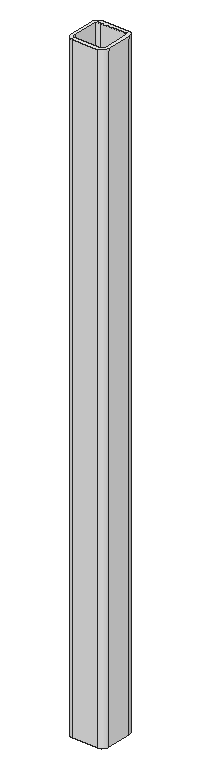
Revit family
Parameters (values of type "SHS150x150x12.5")
  Column Material [instance] = Metal - Steel - 345 MPa
  Assembly Code = ""
  A = 0.007 m²
  Ht = 150 mm
  W = 0.52368
  Shape = "Square"
  b = 150 mm
  kr = 2 * t  # 25 mm
  t = 12.5 mm
Reference planes
  plane 1 "Center (Front/Back)": y = 0
  plane 2: z = 0
  plane 3 "Center (Left/Right)": x = 0
  plane 4: x = -75
  plane 5: x = 75
  plane 6: y = 75
  plane 7: y = -75
  plane 8: x = -50
  plane 9: y = -50
  plane 10: y = 50
  plane 11: x = 50
Forms (mm)
  Extrusion 1, solid, material "Metal - Steel - 345 MPa" <- "Column Material", detail levels medium
    sketch origin (0, 0, 0) x (1, 0, 0) y (0, 1, 0)
      loop
        line (-75, 75) -> (-75, -75) -> (75, -75) -> (75, 75) -> (-75, 75)
      loop
        line (-62.5, 62.5) -> (-62.5, -62.5) -> (62.5, -62.5) -> (62.5, 62.5) -> (-62.5, 62.5)
    from 0 to 2500
  Extrusion 2, solid, material "Metal - Steel - 345 MPa" <- "Column Material", detail levels fine
    sketch origin (0, 0, 0) x (1, 0, 0) y (0, 1, 0)
      loop
        arc (-50, 75) -> (-67.678, 67.678) -> (-75, 50) r 25
        line (-75, 50) -> (-75, -50)
        arc (-75, -50) -> (-67.678, -67.678) -> (-50, -75) r 25
        line (-50, -75) -> (50, -75)
        arc (50, -75) -> (67.678, -67.678) -> (75, -50) r 25
        line (75, -50) -> (75, 50)
        arc (75, 50) -> (67.678, 67.678) -> (50, 75) r 25
        line (50, 75) -> (-50, 75)
      loop
        arc (-50, 62.5) -> (-58.839, 58.839) -> (-62.5, 50) r 12.5
        line (-62.5, 50) -> (-62.5, -50)
        arc (-62.5, -50) -> (-58.839, -58.839) -> (-50, -62.5) r 12.5
        line (-50, -62.5) -> (50, -62.5)
        arc (50, -62.5) -> (58.839, -58.839) -> (62.5, -50) r 12.5
        line (62.5, -50) -> (62.5, 50)
        arc (62.5, 50) -> (58.839, 58.839) -> (50, 62.5) r 12.5
        line (50, 62.5) -> (-50, 62.5)
    from 0 to 2500
Lines and regions (mm)
  symbolic lines, style "StructuralColumnStickSymbols", detail levels coarse
    curve 1: line (-75, 75, 0) -> (75, 75, 0)
    curve 2: line (-75, -75, 0) -> (75, -75, 0)
    curve 5: line (-75, 75, 0) -> (-75, -75, 0)
    curve 6: line (75, 75, 0) -> (75, -75, 0)
  symbolic lines, style "Hidden Faces", detail levels medium+fine
    curve 3: line (-62.5, 0, 0) -> (-62.5, 0, 2500)
    curve 4: line (62.5, 0, 2500) -> (62.5, 0, 0)
Dimensions and locks
  equal spacing: plane 4, plane 3 "Center (Left/Right)", plane 5
  equal spacing: plane 7, plane 1 "Center (Front/Back)", plane 6
  "Ht": plane 7 to plane 6
  "b": plane 4 to plane 5
  "t": Extrusion 1 sketch curve to plane 5
  "t": plane 4 to Extrusion 1 sketch curve
  "t": Extrusion 1 sketch curve to plane 6
  "t": Extrusion 1 sketch curve to plane 7
  "t": Extrusion 2 sketch curve to plane 6
  "t": Extrusion 2 sketch curve to plane 5
  "t": plane 4 to Extrusion 2 sketch curve
  "t": Extrusion 2 sketch curve to plane 7
  "kr": plane 10 to plane 6
  "kr": plane 7 to plane 9
  "kr": plane 11 to plane 5
  "kr": plane 4 to plane 8
  aligned and locked: plane 6 to Extrusion 1 sketch curve
  aligned and locked: Extrusion 1 sketch curve to plane 7
  aligned and locked: Extrusion 1 sketch curve to plane 4
  aligned and locked: plane 5 to Extrusion 1 sketch curve
  aligned and locked: level to Extrusion 1
  aligned and locked: level to plane 2
  aligned and locked: Extrusion 1 to plane 2
  aligned and locked: curve 1 to Extrusion 2 sketch curve
  aligned and locked: Extrusion 2 sketch curve to Extrusion 1
  aligned and locked: level to Extrusion 2
  aligned and locked: curve 4 to Extrusion 2
  aligned and locked: curve 3 to Extrusion 2
Automatic sketch dimensions
  Extrusion 2 sketch curve to plane 8 = 0 mm  (x4)
  Extrusion 2 sketch curve to plane 7 = 0 mm
  Extrusion 2 sketch curve to plane 11 = 0 mm
  Extrusion 2 sketch curve to plane 10 = 0 mm  (x2)
  Extrusion 2 sketch curve to plane 9 = 0 mm  (x2)
  curve 3 to level = 0 mm  (x2)
  curve 4 to level = 0 mm  (x2)
  curve 5 to plane 4 = 0 mm
  curve 2 to plane 5 = 0 mm
  curve 5 to plane 7 = 0 mm
  curve 5 to plane 6 = 0 mm
